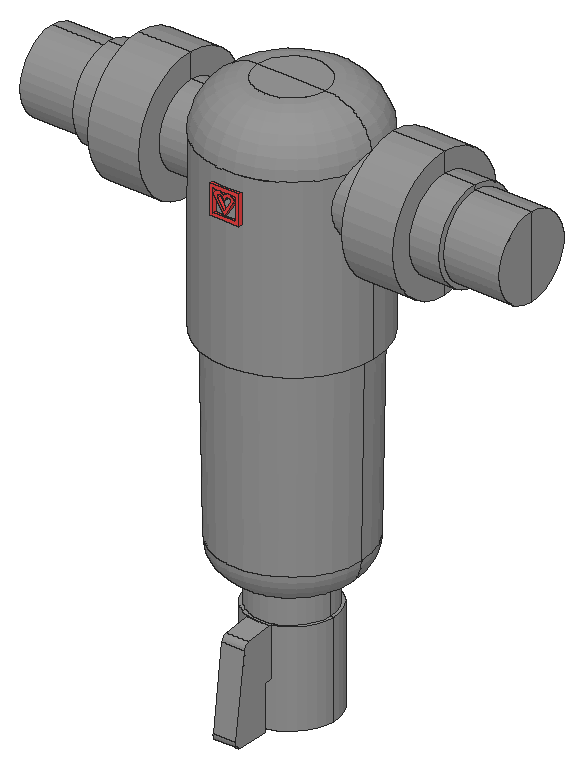
Revit family "Фильтр для горячей воды 0554", category Rohrzubehör, Revit 2018
Family settings
  Bemaßung runder Anschluss = Durchmesser verwenden
  Teiletyp = Unterbricht
  OmniClass-Nummer = 23.65.55.14
  OmniClass-Titel = Valves for Liquid Services
  Arbeitsebenenbasiert = Nein
  Immer vertikal = Ja
  Beim Laden mit Abzugskörper schneiden = Nein
  Gemeinsam genutzt = Nein
Parameters
  Фильтрующий элемент = "нержавеющая сталь, тонкость фильтрации 100 мкм"  # constant formula
  Среда = "Питьевая вода"  # constant formula
  Примечание = "В соответствии со статьей 33 Регламента REACH (Registration; Evaluation; Authorisation; Restriction of Chemicals) (EC № 1907/2006) мы обязаны указать, что свинец внесен в список SVHC (Substances of Very High Concern - вещества очень высокой важности) и весовой процент свинца во всех латунных компонентах заводского изготовления в наших изделиях, превышает 0,1 % (w/w) (CAS: 7439-92-1 / EINECS: 231-100-4).\r\nПоскольку свинец является легирующим компонентом сплава, прямое негативное влияние исключается, и поэтому дополнительной информации о безопасном использовании не требуется."
  Макс. рабочее давление = 1600000.0 Pa  # constant formula
  Макс. рабочая температура = 60 °C  # constant formula
  Корпус = "латунь, CW617N"  # constant formula
  Исполнение = "HERZ-фильтр для воды устанавливается на вводе в здание для предотвращения попадания загрязнений в питьевую воду."
  W02 = 88.00°  # constant formula
  W01 = 89.00°  # constant formula
  VRS01 = 10.000 mm  # constant formula
  SC_NennweiteBerechnet = 0
  SC_Dimension = ""
  SCTWSEQ = "FI;SBT_TYP_FI=\"FI\";2"
  SCTWCODE = "02;00;02"  # constant formula
  S01 [instance] = (L02 + VRL01 + VRL02) - (L01 / 2)  # 30.500 mm
  Модель = "Фильтр для горячей воды с корпусом из латуни и чашей из трогамида."
  Чаша = "пластик, трогамид"  # constant formula
  GT [instance] = size_lookup("0554_", "GT", 1.000 mm, Nennweite)  # 17.500 mm
  VRL02 [instance] = size_lookup("0554_", "VRL2", 1.000 mm, Nennweite)  # 27.000 mm
  VRL01 [instance] = size_lookup("0554_", "VRL1", 1.000 mm, Nennweite)  # 16.000 mm
  VRD02 [instance] = size_lookup("0554_", "VRD2", 1.000 mm, Nennweite)  # 14.000 mm
  VRD01 [instance] = size_lookup("0554_", "VRD1", 1.000 mm, Nennweite)  # 20.000 mm
  URL = "www.herz-armaturen.ru"
  T01 = 1.000 mm  # constant formula
  R02 = 8.000 mm  # constant formula
  R01 = 12.500 mm  # constant formula
  Nennweite [instance] = 25.000 mm
  D02 = 22.750 mm  # constant formula
  L02 [instance] = size_lookup("0554_", "L2", 1.000 mm, Nennweite)  # 31.500 mm
  L01 [instance] = size_lookup("0554_", "L1", 1.000 mm, Nennweite)  # 88.000 mm
  Hersteller = "HERZ Armaturen Ges.m.b.H."  # constant formula
  H04 = 151.000 mm  # constant formula
  H03 = 67.500 mm  # constant formula
  H02 = 45.500 mm  # constant formula
  H01 = 24.000 mm  # constant formula
  Номер заказа [instance] = if(Nennweite = 15.000 mm, "I055401", if(Nennweite = 20.000 mm, "I055402", if(Nennweite = 25.000 mm, "I055403", "0")))  # "I055403"
  AG [instance] = Nennweite / 2  # 12.500 mm
  D01 = 25.500 mm  # constant formula
Reference planes
  plane 1 "Mitte (Vorne/hinten)": y = 0
  plane 2: z = 0
  plane 3 "Mitte (Links/rechts)": x = 0
Forms (mm)
  Revolve 1, solid, material "Messing, weicher Gelbton, geschweißt", detail levels fine
    sketch origin (0, 0, 0) x (1, 0, 0) y (0, 0, 1)
      loop
        line (-44, 0) -> (44, 0) -> (44, 12.5) -> (-44, 12.5) -> (-44, 0)
      axis (-44, 0) -> (44, 0)
    angle from 0 to 360
  Revolve 2, solid, material "Messing, weicher Gelbton, geschweißt", detail levels fine
    sketch origin (0, 0, 0) x (1, 0, 0) y (0, 0, 1)
      loop
        line (-31.5, 0) -> (-31.5, 20) -> (-47.5, 20) -> (-47.5, 14) -> (-57, 14) -> (-57, 12.5) -> (-74.5, 12.5) -> (-74.5, 0) -> (-31.5, 0)
      axis (-74.5, 0) -> (-31.5, 0)
    angle from 0 to 360
  Revolve 3, solid, material "Messing, weicher Gelbton, geschweißt", detail levels fine
    sketch origin (0, 0, 0) x (-1, 0, 0) y (0, 0, 1)
      loop
        line (-31.5, 0) -> (-31.5, 20) -> (-47.5, 20) -> (-47.5, 14) -> (-57, 14) -> (-57, 12.5) -> (-74.5, 12.5) -> (-74.5, 0) -> (-31.5, 0)
      axis (-74.5, 0) -> (-31.5, 0)
    angle from 0 to 360
  Revolve 4, solid, material "Messing, weicher Gelbton, geschweißt", detail levels fine
    sketch origin (0, 0, 0) x (1, 0, 0) y (0, 0, 1)
      loop
        line (0, -45.5) -> (0, 24) -> (-10.5, 24)
        arc (-10.5, 24) -> (-21.107, 19.607) -> (-25.5, 9) r 15
        line (-25.5, 9) -> (-25.5, -45.5) -> (0, -45.5)
      axis (0, 24) -> (0, -45.5)
    angle from 0 to 360
  Revolve 5, solid, material "ABS-Kunststoff", detail levels fine
    sketch origin (0, 0, 0) x (1, 0, 0) y (0, 0, 1)
      loop
        line (0, -45.5) -> (-22.75, -45.5) -> (-21.744, -103.156)
        arc (-21.744, -103.156) -> (-19.193, -109.695) -> (-13, -113) r 10.114
        line (-13, -113) -> (0, -113) -> (0, -45.5)
      axis (0, -45.5) -> (0, -113)
    angle from 0 to 360
  Revolve 6, solid, material "Aluminium 3003-H16", detail levels fine
    sketch origin (0, 0, 0) x (1, 0, 0) y (0, 0, 1)
      loop
        line (-13.007, -151) -> (0, -151) -> (0, -113) -> (-12.007, -113) -> (-12.007, -122) -> (-13.007, -122) -> (-13.007, -151)
      axis (0, -113) -> (0, -151)
    angle from 0 to 360
  Extrusion 7, solid, material "Acetalharz, Schwarz", detail levels fine
    sketch origin (0, 0, 0) x (0, 1, 0) y (0, 0, 1)
      loop
        line (-15.045, -151) -> (-15.045, -137.8)
        arc (-15.045, -137.8) -> (-14.81, -137.234) -> (-14.245, -137) r 0.8
        line (-14.245, -137) -> (0, -137) -> (0, -122) -> (-12.995, -122) -> (-20.95, -122.837)
        arc (-20.95, -122.837) -> (-22.128, -123.386) -> (-22.72, -124.543) r 2
        line (-22.72, -124.543) -> (-26.174, -148.717)
        arc (-26.174, -148.717) -> (-25.705, -150.31) -> (-24.194, -151) r 2
        line (-24.194, -151) -> (-15.045, -151)
    from 3.5 to -3.5
Lines and regions (mm)
  model lines, detail levels coarse+medium
    curve 1: line (-44, 0, 24) -> (-44, 0, -24)
    curve 2: line (-44, 0, -24) -> (44, 0, -24)
    curve 3: line (44, 0, -24) -> (44, 0, 24)
    curve 4: line (44, 0, 24) -> (-44, 0, 24)
    curve 5: line (44, 0, 24) -> (12.5, 0, 0)
    curve 6: line (12.5, 0, 0) -> (44, 0, -24)
    curve 7: line (44, 0, 24) -> (54, 0, 24)
    curve 8: line (54, 0, 24) -> (44, 0, 0)
    curve 9: line (44, 0, -24) -> (54, 0, -24)
    curve 10: line (54, 0, -24) -> (44, 0, 0)
    curve 11: line (44, 0, 0) -> (74.5, 0, 0)
    curve 12: line (-44, 0, 24) -> (-54, 0, 24)
    curve 13: line (-54, 0, 24) -> (-44, 0, 0)
    curve 14: line (-44, 0, -24) -> (-54, 0, -24)
    curve 15: line (-54, 0, -24) -> (-44, 0, 0)
    curve 16: line (-44, 0, 0) -> (-74.5, 0, 0)
    curve 17: line (-44, -24, 0) -> (44, -24, 0)
    curve 18: line (-44, 24, 0) -> (-44, -24, 0)
    curve 19: line (44, 24, 0) -> (-44, 24, 0)
    curve 20: line (44, -24, 0) -> (44, 24, 0)
    curve 21: line (44, 24, 0) -> (8.232, 0, 0)
    curve 22: line (8.232, 0, 0) -> (44, -24, 0)
    curve 23: line (44, 24, 0) -> (54, 24, 0)
    curve 24: line (54, 24, 0) -> (44, 0, 0)
    curve 25: line (44, -24, 0) -> (54, -24, 0)
    curve 26: line (54, -24, 0) -> (44, 0, 0)
    curve 27: line (-44, 24, 0) -> (-54, 24, 0)
    curve 28: line (-54, 24, 0) -> (-44, 0, 0)
    curve 29: line (-44, -24, 0) -> (-54, -24, 0)
    curve 30: line (-54, -24, 0) -> (-44, 0, 0)
Dimensions and locks
  "L01": Revolve 1 sketch curve to Revolve 1 sketch curve
  equal spacing: Revolve 1 sketch curve, plane 3 "Mitte (Links/rechts)", Revolve 1 sketch curve
  "R01": Revolve 1 sketch curve to plane 2
  "L02": plane 3 "Mitte (Links/rechts)" to Revolve 2 sketch curve
  "VRL01": Revolve 2 sketch curve to Revolve 2 sketch curve
  "VRL02": Revolve 2 sketch curve to Revolve 2 sketch curve
  "GT": Revolve 2 sketch curve to Revolve 2 sketch curve
  "VRD01": Revolve 2 sketch curve to Revolve 2 sketch curve
  "VRD02": Revolve 2 sketch curve to Revolve 2 sketch curve
  "AG": Revolve 2 sketch curve to Revolve 2 sketch curve
  "VRL01": Revolve 3 sketch curve to Revolve 3 sketch curve
  "VRL02": Revolve 3 sketch curve to Revolve 3 sketch curve
  "GT": Revolve 3 sketch curve to Revolve 3 sketch curve
  "VRD01": Revolve 3 sketch curve to Revolve 3 sketch curve
  "VRD02": Revolve 3 sketch curve to Revolve 3 sketch curve
  "AG": Revolve 3 sketch curve to Revolve 3 sketch curve
  "L02": Revolve 3 sketch curve to plane 3 "Mitte (Links/rechts)"
  "H01": Revolve 4 sketch curve to plane 2
  "D01": Revolve 4 sketch curve to Revolve 4 sketch curve
  "H02": plane 2 to Revolve 4 sketch curve
  "D02": Revolve 5 sketch curve to Revolve 5 sketch curve
  "H02": plane 2 to Revolve 5 sketch curve
  "H03": Revolve 5 sketch curve to Revolve 5 sketch curve
  "H04": plane 2 to Revolve 6 sketch curve
  "D01": nested 1 to plane 1 "Mitte (Vorne/hinten)"
  equal spacing: curve 1, plane 3 "Mitte (Links/rechts)", curve 3
  "H01": curve 4 to level to curve 2
  "L01": curve 1 to curve 3
  "L02": curve 3 to curve 6
  "VRS01": curve 8 to curve 3
  "VRS01": curve 10 to curve 3
  "S01": curve 11 to curve 3
  "VRS01": curve 13 to curve 1
  "VRS01": curve 15 to curve 1
  "S01": curve 16 to Revolve 1
  "L01": curve 18 to curve 20
  equal spacing: curve 18, plane 3 "Mitte (Links/rechts)", curve 20
  "H01": curve 19 to plane 1 "Mitte (Vorne/hinten)" to curve 17
  "VRS01": curve 20 to curve 24
  "VRS01": curve 20 to curve 26
  "VRS01": curve 28 to curve 18
  "VRS01": curve 30 to curve 18
  "W01": angle Revolve 5 sketch curve to Revolve 4
  aligned and locked: level to plane 2
Automatic sketch dimensions
  Extrusion 7 sketch curve to plane 1 "Mitte (Vorne/hinten)" = 0.000 mm
  plane 1 "Mitte (Vorne/hinten)" to Extrusion 7 sketch curve = 12.995 mm
  plane 1 "Mitte (Vorne/hinten)" to Extrusion 7 sketch curve = 14.245 mm
  Extrusion 7 sketch curve to Extrusion 7 sketch curve = 0.800 mm
  Extrusion 7 sketch curve to Extrusion 7 sketch curve = 7.746 mm
  Extrusion 7 sketch curve to Extrusion 7 sketch curve = 0.209 mm
  Extrusion 7 sketch curve to Extrusion 7 sketch curve = 1.980 mm  (x2)
  Extrusion 7 sketch curve to Extrusion 7 sketch curve = 9.149 mm
  Extrusion 7 sketch curve to level = 151.000 mm
  Extrusion 7 sketch curve to Extrusion 7 sketch curve = 2.000 mm
  Extrusion 7 sketch curve to Extrusion 7 sketch curve = 13.200 mm
  Extrusion 7 sketch curve to Extrusion 7 sketch curve = 12.174 mm
  Extrusion 7 sketch curve to Extrusion 7 sketch curve = 0.283 mm
  Extrusion 7 sketch curve to Extrusion 7 sketch curve = 15.000 mm
  curve 15 to level = 0.000 mm
  curve 11 to level = 0.000 mm
  curve 8 to level = 0.000 mm
  curve 5 to level = 0.000 mm
  plane 1 "Mitte (Vorne/hinten)" to curve 22 = 0.000 mm
  plane 1 "Mitte (Vorne/hinten)" to curve 28 = 0.000 mm
  plane 1 "Mitte (Vorne/hinten)" to curve 24 = 0.000 mm
  plane 1 "Mitte (Vorne/hinten)" to curve 26 = 0.000 mm
  plane 3 "Mitte (Links/rechts)" to curve 22 = 8.232 mm
  Revolve 1 sketch curve to level = 0.000 mm  (x2)
  Revolve 1 sketch curve to Revolve 1 sketch curve = 1474.830 mm
  Revolve 1 sketch curve to Revolve 1 sketch curve = 1807.448 mm
  Revolve 2 sketch curve to level = 0.000 mm  (x2)
  Revolve 2 sketch curve to Revolve 2 sketch curve = 1440.530 mm
  plane 3 "Mitte (Links/rechts)" to Revolve 2 sketch curve = 1839.148 mm
  Revolve 3 sketch curve to level = 0.000 mm  (x2)
  Revolve 3 sketch curve to Revolve 3 sketch curve = 1440.530 mm
  plane 3 "Mitte (Links/rechts)" to Revolve 3 sketch curve = 1839.148 mm
  Revolve 4 sketch curve to plane 3 "Mitte (Links/rechts)" = 0.000 mm  (x2)
  level to Revolve 4 sketch curve = 9.000 mm
  Revolve 4 sketch curve to Revolve 4 sketch curve = 320.545 mm
  Revolve 4 sketch curve to Revolve 4 sketch curve = 2190.315 mm
  Revolve 5 sketch curve to plane 3 "Mitte (Links/rechts)" = 0.000 mm  (x2)
  Revolve 5 sketch curve to plane 3 "Mitte (Links/rechts)" = 21.744 mm
  Revolve 5 sketch curve to Revolve 5 sketch curve = 13.000 mm
  Revolve 5 sketch curve to Revolve 5 sketch curve = 10.112 mm
  Revolve 5 sketch curve to Revolve 5 sketch curve = 255.045 mm
  level to Revolve 5 sketch curve = 2214.315 mm
  Revolve 6 sketch curve to plane 3 "Mitte (Links/rechts)" = 0.000 mm  (x2)
  Revolve 6 sketch curve to plane 3 "Mitte (Links/rechts)" = 12.007 mm
  Revolve 6 sketch curve to plane 3 "Mitte (Links/rechts)" = 13.007 mm
  Revolve 6 sketch curve to Revolve 6 sketch curve = 29.000 mm
  Revolve 6 sketch curve to Revolve 6 sketch curve = 9.000 mm
  Revolve 6 sketch curve to Revolve 6 sketch curve = 192.045 mm
  level to Revolve 6 sketch curve = 2214.315 mm
Nested families
  nested 1: "Herz-Logo-vorne" at (0, -25.5, 0) x (0, 1, 0) z (0, 0, 1), type "Herz-Logo-vorne", detail levels fine
Connectors
  piping at (-74.5, 0, 0), diameter 25, driven by "Nennweite"
    settings: on Revolve 2, index 1, connector inside diameter 609.6 mm, connector length 0.000 mm, flow factor 0, pipe flow 0.0 L/s, pressure drop 0.0 Pa, fitting loss kfactor 0, connector angle 0.00°, fixture units 0, engagement length 0.000 mm, angle of deflection 0.00°, flow configuration 0, flow direction 1, fitting loss method 0, system type 19, joint type 0, gender type 0, connector reference index -1, connector utility 0, adjustable connector no, is connector primary yes, connector description ""
  piping at (74.5, 0, 0), diameter 25, driven by "Nennweite"
    settings: on Revolve 3, index 2, connector inside diameter 609.6 mm, connector length 0.000 mm, flow factor 0, pipe flow 0.0 L/s, pressure drop 0.0 Pa, fitting loss kfactor 0, connector angle 0.00°, fixture units 0, engagement length 0.000 mm, angle of deflection 0.00°, flow configuration 0, flow direction 2, fitting loss method 0, system type 19, joint type 0, gender type 0, connector reference index -1, connector utility 0, adjustable connector no, is connector primary no, connector description ""
Definition of nested family "Herz-Logo-vorne"
  Reference planes
    plane 1 "Mitte (Vorne/hinten)": y = 0
    plane 2: z = 0
    plane 3 "Mitte (Links/rechts)": x = 0
  Forms (mm)
    Extrusion 1, solid
      sketch origin (0.732, -0.018, 0.017) x (0, -1, 0) y (0, 0, 1)
        loop
          line (-0.018, -4.517) -> (4.482, -4.517) -> (4.482, 4.483) -> (-4.518, 4.483) -> (-4.518, -4.517) -> (-0.018, -4.517)
        loop
          line (-0.05, -3.48) -> (3.482, -3.48) -> (3.482, 3.483) -> (-3.518, 3.483) -> (-3.518, -3.48) -> (-0.05, -3.48)
        loop
          arc (-0.018, 2.383) -> (-1.543, 3.287) -> (-3.067, 2.383) r 1.738
          arc (-3.067, 2.383) -> (-3.191, 1.899) -> (-3.067, 1.415) r 1.009
          line (-3.067, 1.415) -> (-0.018, -3.281) -> (3.032, 1.415)
          arc (3.032, 1.415) -> (3.156, 1.899) -> (3.032, 2.383) r 1.009
          arc (3.032, 2.383) -> (1.507, 3.287) -> (-0.018, 2.383) r 1.738
        loop
          arc (1.885, 1.272) -> (2.005, 1.675) -> (1.885, 2.079) r 0.74
          arc (1.885, 2.079) -> (1.265, 2.416) -> (0.644, 2.079) r 0.74
          line (0.644, 2.079) -> (-0.018, 0.97) -> (-0.679, 2.079)
          arc (-0.679, 2.079) -> (-1.3, 2.416) -> (-1.921, 2.079) r 0.74
          arc (-1.921, 2.079) -> (-2.04, 1.675) -> (-1.921, 1.272) r 0.74
          line (-1.921, 1.272) -> (-0.018, -1.658) -> (1.885, 1.272)
      from 0 to 1.5
  Dimensions and locks
    aligned and locked: level to plane 2
